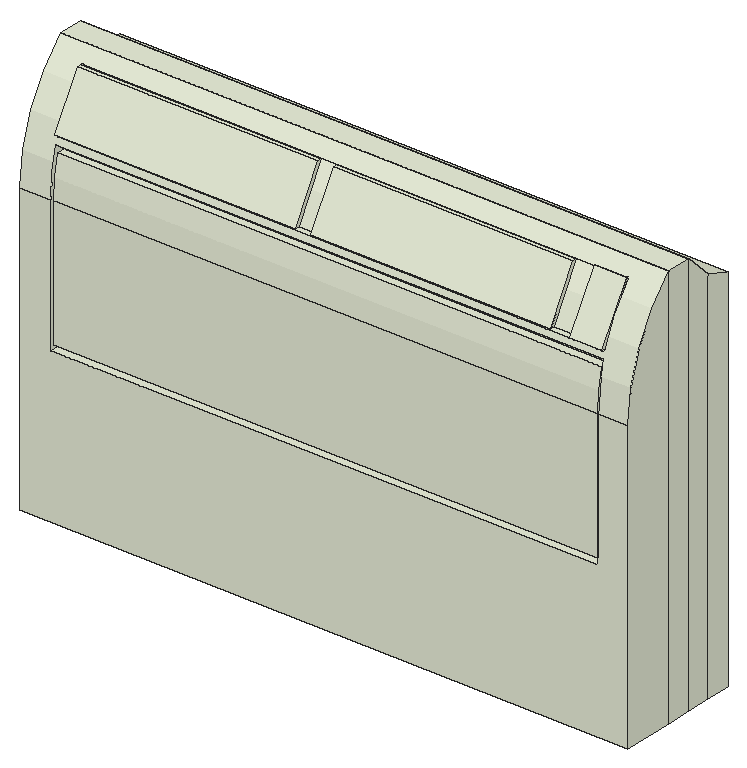
Revit family "Trane_TVR_Indoor_Ceiling & Floor_4TVX0012(15,18,24)EF000AA(2nd DC)", category Equipamento mecânico, Revit 2019
Family settings
  Cota do conector redondo = Utilizar diâmetro
  Tipo de parte = Normal
  Número OmniClass = 23.75.00.00
  Título OmniClass = Climate Control (HVAC)
  Com base no plano de trabalho = Não
  Sempre na vertical = Sim
  Corte com vazios quando carregada = Não
  Compartilhado = Não
  Ponto de cálculo do ambiente = Não
Parameters (values of type "4TVX0024EF000AA")
  Width = 990.000 mm
  URL = "https://www.trane.com/commercial/latin-america/br/pt.html"
  Series = "TVR ULTRA"
  Power supply = "220-240V ~50/60Hz"
  Panel color = "S1004"
  Net Weight = 28.00 kg
  Modelo = "4TVX0024EF000AA"
  Fabricante = "Trane"
  Machine material = Galvanized Steel
  MFA (Maximum Fuse Amps) = 15 A
  MCA (Minimum Circuit Amps) = 1.03 A
  Liquid pipe = 6.350 mm
  Installation = "Indoor installation"
  Height = 203.000 mm
  Heating Power Input = 115 W
  Heating Capacity = 8 kW
  Gas pipe = 12.700 mm
  Gas = "R410a"
  Descrição = "High efficiency air cooled"
  Depth = 660.000 mm
  Cooling Power Input = 115 W
  Cooling Capacity = 7.1 kW
  Condensation = "air"
  Air  Flow = "1380/1340/1300/1260/1190/1140/1120 m3/h"
Types (5, lengths in mm): name | URL | Net Weight | Modelo | MCA (Minimum Circuit Amps) | Heating Power Input | Heating Capacity | Cooling Power Input | Cooling Capacity | Air  Flow
  (no name) | "https://www.trane.com/commercial/latin-america/br/pt.html" | 28.00 kg | "4TVX0024EF000AA" | 1.03 A | 115 W | 8 kW | 115 W | 7.1 kW | "1380/1340/1300/1260/1190/1140/1120 m3/h"
  4TVX0012EF000AA | "https://www.trane.com/commercial/latin-america/br/pt.html" | 27.00 kg | "4TVX0012EF000AA" | 0.38 A | 49 W | 4 kW | 49 W | 3.6 kW | "770/740/700/680/650/630/610 m3/h"
  4TVX0015EF000AA | "https://www.trane.com/commercial/latin-america/br/pt.html" | 28.00 kg | "4TVX0015EF000AA" | 1.01 A | 115 W | 5 kW | 115 W | 4.5 kW | "1380/1330/1300/1260/1210/1140/1070 m3/h"
  4TVX0018EF000AA | "https://www.trane.com/commercial/latin-america/br/pt.htmlhttps://www.trane.com/commercial/latin-america/br/pt.html" | 28.00 kg | "4TVX0018EF000AA" | 1.03 A | 115 W | 6.3 kW | 115 W | 5.6 kW | "1380/1330/1300/1260/1210/1140/1070 m3/h"
  4TVX0024EF000AA | "https://www.trane.com/commercial/latin-america/br/pt.html" | 28.00 kg | "4TVX0024EF000AA" | 1.03 A | 115 W | 8 kW | 115 W | 7.1 kW | "1380/1340/1300/1260/1190/1140/1120 m3/h"
Reference planes
  plane 1 "中心(前/后)": y = 0
  plane 2: z = 0
  plane 3 "中心(左/右)": x = 0
  plane 4: z = 575.645
  plane 5: z = 280
  plane 6: x = -495
Forms (mm)
  Extrusion 1, solid, material "Galvanized Steel" <- "Machine material", detail levels medium+fine
    sketch origin (0, 0, 0) x (0, 1, 0) y (0, 0, 1)
      loop
        line (-80, 690) -> (-120, 690) -> (-120, 30) -> (-80, 30) -> (-80, 690)
    from 495 to -495
  Extrusion 2, solid, material "Galvanized Steel" <- "Machine material", detail levels medium+fine
    sketch origin (0, 0, 0) x (0, 1, 0) y (0, 0, 1)
      loop
        line (-80, 690) -> (-80, 30) -> (-40, 30) -> (-40, 650) -> (-80, 690)
    from 495 to -495
  Extrusion 3, solid, material "Galvanized Steel" <- "Machine material", detail levels medium+fine
    sketch origin (0, 0, 0) x (0, 1, 0) y (0, 0, 1)
      loop
        line (0, 626.906) -> (0, 635.441) -> (-40, 650) -> (-40, 30) -> (0, 30) -> (0, 626.906)
    from 495 to -495
  Extrusion 4, solid, material "Galvanized Steel" <- "Machine material", detail levels medium+fine
    sketch origin (0, 0, 0) x (0, 1, 0) y (0, 0, 1)
      loop
        line (-120, 30) -> (-120, 690)
        arc (-120, 690) -> (-181.345, 603.669) -> (-203, 500) r 258.97
        line (-203, 500) -> (-203, 30) -> (-120, 30)
    from 495 to -495
  Extrusion 5, void
    sketch origin (0, 0, 0) x (0, 1, 0) y (0, 0, 1)
      loop
        line (-188.653, 585) -> (-178.041, 585)
        arc (-178.041, 585) -> (-156.282, 630.135) -> (-125.926, 670) r 248.97
        line (-125.926, 670) -> (-139.39, 670)
        arc (-139.39, 670) -> (-168.089, 629.857) -> (-188.653, 585) r 258.97
    from 446.258 to -445
  Extrusion 6, solid, material "Galvanized Steel" <- "Machine material", detail levels fine
    sketch origin (0, 0, 0) x (0, 1, 0) y (0, 0, 1)
      loop
        line (-148.104, 670) -> (-193.89, 591) -> (-188.048, 591) -> (-142.262, 670) -> (-148.104, 670)
    from 361.496 to -28.055
  Extrusion 7, void
    sketch origin (0, 0, 0) x (1, 0, 0) y (0, 1, 0)
      loop
        line (-460.5, -30) -> (-460.5, -130) -> (-360.5, -130) -> (-360.5, -30) -> (-460.5, -30)
    from 45 to 30
  Extrusion 8, void
    sketch origin (0, 0, 0) x (0, 1, 0) y (0, 0, 1)
      loop
        line (-15, 45) -> (-15, 415.429) -> (-188, 415.429) -> (-188, 45) -> (-15, 45)
    from 477.847 to -480
  Extrusion 9, solid, detail levels medium+fine
    sketch origin (0, 0, 0) x (1, 0, 0) y (0, 1, 0)
      loop
        circle (-455, -63.5) r 4.765
    from 415.429 to 128
  Extrusion 10, solid, detail levels medium+fine
    sketch origin (0, 0, 0) x (1, 0, 0) y (0, 1, 0)
      loop
        circle (-440.5, -96.5) r 7.95
    from 415.429 to 163.5
  Extrusion 11, void
    sketch origin (0, 0, 55) x (1, 0, 0) y (0, 0, 1)
      loop
        line (-360.5, 115) -> (-460.5, 115) -> (-460.5, 15) -> (-360.5, 15) -> (-360.5, 115)
    from 15 to 0
  Extrusion 12, solid, detail levels medium+fine
    sketch origin (0, 0, 0) x (1, 0, 0) y (0, 1, 0)
      loop
        circle (-393.436, -63.5) r 12.5
    from 415.429 to 163.5
  Extrusion 13, void
    sketch origin (0, 0, 0) x (0, 1, 0) y (0, 0, 1)
      loop
        arc (-191.706, 575.645) -> (-200.161, 538.242) -> (-203, 500) r 258.97
        line (-203, 500) -> (-203, 280) -> (-188, 280) -> (-188, 415.429) -> (-179.603, 575.645) -> (-191.706, 575.645)
    from 446.258 to -445
  Extrusion 14, solid, material "Galvanized Steel" <- "Machine material", detail levels medium+fine
    sketch origin (0, 0, 0) x (0, 1, 0) y (0, 0, 1)
      loop
        line (-188, 415.429) -> (-180.127, 565.659) -> (-194.538, 565.659)
        arc (-194.538, 565.659) -> (-200.876, 533.101) -> (-203, 500) r 258.97
        line (-203, 500) -> (-203, 290) -> (-188, 290) -> (-188, 415.429)
    from 446.258 to -440
  Extrusion 15, solid, material "Galvanized Steel" <- "Machine material", detail levels fine
    sketch origin (-305.688, 0, 0) x (0, 1, 0) y (0, 0, 1)
      loop
        line (-139.39, 670) -> (-188.653, 585) -> (-183.347, 585) -> (-134.084, 670) -> (-139.39, 670)
    from 747.269 to 695.02
  Extrusion 16, solid, material "Galvanized Steel" <- "Machine material", detail levels fine
    sketch origin (-26.887, 0, 0) x (0, 1, 0) y (0, 0, -1)
      loop
        line (-148.104, -670) -> (-142.262, -670) -> (-188.048, -591) -> (-193.89, -591) -> (-148.104, -670)
    from 418.113 to 26.217
Cuts and joins
  Extrusion 5, Extrusion 7, Extrusion 8, Extrusion 11, Extrusion 13 cuts Extrusion 4
  Extrusion 7, Extrusion 8 cuts Extrusion 1
  Extrusion 7, Extrusion 8 cuts Extrusion 2
  Extrusion 7, Extrusion 8, Extrusion 11 cuts Extrusion 3
  Extrusion 11 cuts Extrusion 9
Lines and regions (mm)
  model lines, detail levels fine
    curve 1: line (-495, -163, 70) -> (-495, -163, 270)
    curve 15: line (-495, -163, 270) -> (-495, -203, 270)
    curve 16: line (-495, -163, 260) -> (-495, -203, 260)
    curve 17: line (-495, -163, 250) -> (-495, -203, 250)
    curve 18: line (-495, -163, 240) -> (-495, -203, 240)
    curve 19: line (-495, -163, 230.215) -> (-495, -203, 230.215)
    curve 20: line (-495, -163, 220) -> (-495, -203, 220)
    curve 21: line (-495, -163, 210) -> (-495, -203, 210)
    curve 22: line (-495, -163, 200) -> (-495, -203, 200)
    curve 23: line (-495, -163, 190) -> (-495, -203, 190)
    curve 24: line (-495, -163, 180) -> (-495, -203, 180)
    curve 25: line (-495, -163, 170) -> (-495, -203, 170)
    curve 26: line (-495, -163, 160) -> (-495, -203, 160)
    curve 27: line (-495, -163, 150) -> (-495, -203, 150)
    curve 28: line (-495, -163, 140) -> (-495, -203, 140)
    curve 29: line (-495, -163, 130) -> (-495, -203, 130)
    curve 30: line (-495, -163, 120) -> (-495, -203, 120)
    curve 31: line (-495, -163, 110) -> (-495, -203, 110)
    curve 32: line (-495, -163, 100) -> (-495, -203, 100)
    curve 33: line (-495, -163, 90) -> (-495, -203, 90)
    curve 34: line (-495, -163, 80) -> (-495, -203, 80)
    curve 35: line (-495, -163, 70) -> (-495, -203, 70)
    curve 36: line (-495, -163, 220) -> (-495, -203, 220)
    curve 37: line (-495, -163, 210) -> (-495, -203, 210)
    curve 38: line (-495, -163, 200) -> (-495, -203, 200)
    curve 39: line (-495, -203, 270) -> (495, -203, 270)
    curve 40: line (495, -203, 70) -> (-495, -203, 70)
    curve 41: line (-495, -203, 260) -> (495, -203, 260)
    curve 42: line (-495, -203, 250) -> (495, -203, 250)
    curve 43: line (-495, -203, 240) -> (495, -203, 240)
    curve 44: line (-495, -203, 230) -> (495, -203, 230)
    curve 45: line (-495, -203, 220) -> (495, -203, 220)
    curve 46: line (-495, -203, 210) -> (495, -203, 210)
    curve 47: line (-495, -203, 201.34) -> (495, -203, 201.34)
    curve 48: line (-495, -203, 191.34) -> (495, -203, 191.34)
    curve 49: line (-495, -203, 181.34) -> (495, -203, 181.34)
    curve 50: line (-495, -203, 171.34) -> (495, -203, 171.34)
    curve 51: line (-495, -203, 161.34) -> (495, -203, 161.34)
    curve 52: line (-495, -203, 151.34) -> (495, -203, 151.34)
    curve 53: line (-495, -203, 141.34) -> (495, -203, 141.34)
    curve 54: line (-495, -203, 131.34) -> (495, -203, 131.34)
    curve 55: line (-495, -203, 121.34) -> (495, -203, 121.34)
    curve 56: line (-495, -203, 111.34) -> (495, -203, 111.34)
    curve 57: line (-495, -203, 101.34) -> (495, -203, 101.34)
    curve 58: line (-495, -203, 91.34) -> (495, -203, 91.34)
    curve 59: line (-495, -203, 81.34) -> (495, -203, 81.34)
    curve 60: line (401.581, -174.728, 609.027) -> (401.581, -181.032, 598.15)
    curve 61: line (426.581, -174.728, 609.027) -> (401.581, -174.728, 609.027)
    curve 62: line (401.581, -181.032, 598.15) -> (426.581, -181.032, 598.15)
    curve 63: arc (426.581, -174.728, 609.027) -> (432.867, -177.88, 603.589) -> (426.581, -181.032, 598.15) r 6.286
    curve 71: line (495, -163, 70) -> (495, -163, 270)
    curve 72: line (495, -163, 270) -> (495, -203, 270)
    curve 73: line (495, -163, 260) -> (495, -203, 260)
    curve 74: line (495, -163, 250) -> (495, -203, 250)
    curve 75: line (495, -163, 240) -> (495, -203, 240)
    curve 76: line (495, -163, 230.215) -> (495, -203, 230.215)
    curve 77: line (495, -163, 190) -> (495, -203, 190)
    curve 78: line (495, -163, 180) -> (495, -203, 180)
    curve 79: line (495, -163, 170) -> (495, -203, 170)
    curve 80: line (495, -163, 160) -> (495, -203, 160)
    curve 81: line (495, -163, 150) -> (495, -203, 150)
    curve 82: line (495, -163, 140) -> (495, -203, 140)
    curve 83: line (495, -163, 130) -> (495, -203, 130)
    curve 84: line (495, -163, 120) -> (495, -203, 120)
    curve 85: line (495, -163, 110) -> (495, -203, 110)
    curve 86: line (495, -163, 100) -> (495, -203, 100)
    curve 87: line (495, -163, 90) -> (495, -203, 90)
    curve 88: line (495, -163, 80) -> (495, -203, 80)
    curve 89: line (495, -163, 70) -> (495, -203, 70)
    curve 90: line (495, -163, 220) -> (495, -203, 220)
    curve 91: line (495, -163, 210) -> (495, -203, 210)
    curve 92: line (495, -163, 200) -> (495, -203, 200)
    curve 93: circle (427.5, -144.575, 661.053) r 4 normal (0, 0.8652, -0.5014)
    curve 94: circle (427.5, -150.363, 651.067) r 4 normal (0, 0.8652, -0.5014)
    curve 95: circle (427.5, -156.491, 640.493) r 4 normal (0, 0.8652, -0.5014)
    curve 96: circle (427.5, -162.96, 629.332) r 4 normal (0, 0.8652, -0.5014)
    curve 97: circle (427.5, -168.604, 619.594) r 4 normal (0, 0.8652, -0.5014)
  model lines
    curve 2: line (-495, 0, 635.441) -> (-495, -40, 650)
    curve 3: line (-495, -40, 650) -> (-495, -80, 690)
    curve 5: line (-495, 0, 635.441) -> (-495, 0, 30)
    curve 6: line (-495, -203, 30) -> (-495, -203, 500)
    curve 7: arc (-495, -203, 500) -> (-495, -181.345, 603.669) -> (-495, -120, 690) r 258.97
    curve 8: line (-495, -120, 690) -> (495, -120, 690)
    curve 9: line (-495, -80, 690) -> (495, -80, 690)
    curve 10: line (-495, -40, 650) -> (495, -40, 650)
    curve 11: line (-495, -203, 30) -> (-495, 0, 30)
    curve 12: line (-495, -203, 30) -> (495, -203, 30)
    curve 13: line (495, 0, 30) -> (-495, 0, 30)
    curve 14: line (-495, -203, 30) -> (-495, 0, 30)
    curve 64: line (495, -203, 30) -> (495, -203, 500)
    curve 65: arc (495, -203, 500) -> (495, -181.345, 603.669) -> (495, -120, 690) r 258.97
    curve 66: line (495, 0, 635.441) -> (495, 0, 30)
    curve 67: line (495, 0, 635.441) -> (495, -40, 650)
    curve 68: line (495, -40, 650) -> (495, -80, 690)
    curve 70: line (495, -203, 30) -> (495, 0, 30)
    curve 98: line (495, 0, 626.906) -> (-495, 0, 626.906)
  model lines, detail levels coarse
    curve 4: line (-495, -80, 690) -> (-495, -120, 690)
    curve 69: line (495, -80, 690) -> (495, -120, 690)
Dimensions and locks
  cut or joined group of Extrusion 2, Extrusion 7, Extrusion 8 to Extrusion 12 = 133.500 mm
  cut or joined group of Extrusion 1, Extrusion 7, Extrusion 8 to cut or joined group of Extrusion 9, Extrusion 11 = 98.000 mm
  "Depth": cut or joined group of Extrusion 4, Extrusion 5, Extrusion 7, Extrusion 8, Extrusion 11, Extrusion 13 to cut or joined group of Extrusion 1, Extrusion 7, Extrusion 8
  "Height": cut or joined group of Extrusion 4, Extrusion 5, Extrusion 7, Extrusion 8, Extrusion 11, Extrusion 13 to cut or joined group of Extrusion 3, Extrusion 7, Extrusion 8, Extrusion 11
  "Width": cut or joined group of Extrusion 4, Extrusion 5, Extrusion 7, Extrusion 8, Extrusion 11, Extrusion 13 to cut or joined group of Extrusion 4, Extrusion 5, Extrusion 7, Extrusion 8, Extrusion 11, Extrusion 13
  aligned and locked: level to plane 2
Automatic sketch dimensions
  plane 1 "中心(前/后)" to Extrusion 1 sketch curve = 120.000 mm
  level to Extrusion 1 sketch curve = 30.000 mm
  Extrusion 1 sketch curve to Extrusion 1 sketch curve = 40.000 mm
  Extrusion 1 sketch curve to Extrusion 1 sketch curve = 660.000 mm
  plane 1 "中心(前/后)" to Extrusion 2 sketch curve = 80.000 mm
  level to Extrusion 2 sketch curve = 30.000 mm
  Extrusion 2 sketch curve to Extrusion 2 sketch curve = 40.000 mm  (x2)
  Extrusion 2 sketch curve to Extrusion 2 sketch curve = 620.000 mm
  Extrusion 3 sketch curve to plane 1 "中心(前/后)" = 0.000 mm
  level to Extrusion 3 sketch curve = 30.000 mm
  plane 1 "中心(前/后)" to Extrusion 3 sketch curve = 40.000 mm
  Extrusion 3 sketch curve to Extrusion 3 sketch curve = 596.906 mm
  Extrusion 3 sketch curve to Extrusion 3 sketch curve = 8.535 mm
  Extrusion 3 sketch curve to Extrusion 3 sketch curve = 14.559 mm
  plane 1 "中心(前/后)" to Extrusion 4 sketch curve = 203.000 mm
  level to Extrusion 4 sketch curve = 30.000 mm
  Extrusion 4 sketch curve to Extrusion 4 sketch curve = 83.000 mm
  Extrusion 4 sketch curve to plane 1 "中心(前/后)" = 55.970 mm
  Extrusion 4 sketch curve to Extrusion 4 sketch curve = 470.000 mm
  Extrusion 5 sketch curve to Extrusion 5 sketch curve = 0.000 mm  (x2)
  plane 1 "中心(前/后)" to Extrusion 5 sketch curve = 188.653 mm
  level to Extrusion 5 sketch curve = 585.000 mm
  Extrusion 5 sketch curve to Extrusion 5 sketch curve = 10.612 mm
  Extrusion 5 sketch curve to Extrusion 5 sketch curve = 38.651 mm
  Extrusion 5 sketch curve to Extrusion 5 sketch curve = 13.464 mm
  Extrusion 5 sketch curve to Extrusion 5 sketch curve = 85.000 mm
  plane 1 "中心(前/后)" to Extrusion 6 sketch curve = 193.890 mm
  level to Extrusion 6 sketch curve = 591.000 mm
  Extrusion 6 sketch curve to Extrusion 6 sketch curve = 5.843 mm  (x2)
  Extrusion 6 sketch curve to Extrusion 6 sketch curve = 39.943 mm
  Extrusion 6 sketch curve to Extrusion 6 sketch curve = 79.000 mm
  Extrusion 4 to curve 1 = 40.000 mm  (x2)
  curve 1 to curve 1 = 200.000 mm
  plane 6 to Extrusion 7 sketch curve = 34.500 mm
  plane 1 "中心(前/后)" to Extrusion 7 sketch curve = 130.000 mm
  Extrusion 7 sketch curve to Extrusion 7 sketch curve = 100.000 mm
  plane 1 "中心(前/后)" to Extrusion 7 sketch curve = 30.000 mm
  level to Extrusion 8 sketch curve = 45.000 mm
  plane 1 "中心(前/后)" to Extrusion 8 sketch curve = 188.000 mm
  plane 1 "中心(前/后)" to Extrusion 8 sketch curve = 15.000 mm
  level to Extrusion 8 sketch curve = 415.429 mm
  plane 6 to Extrusion 9 sketch curve = 40.000 mm
  plane 1 "中心(前/后)" to Extrusion 9 sketch curve = 63.500 mm
  plane 6 to Extrusion 10 sketch curve = 54.500 mm
  plane 1 "中心(前/后)" to Extrusion 10 sketch curve = 96.500 mm
  plane 6 to Extrusion 11 sketch curve = 34.500 mm
  level to Extrusion 11 sketch curve = 70.000 mm
  Extrusion 11 sketch curve to Extrusion 11 sketch curve = 100.000 mm  (x2)
  plane 6 to Extrusion 12 sketch curve = 101.564 mm
  plane 1 "中心(前/后)" to Extrusion 12 sketch curve = 63.500 mm
  Extrusion 13 sketch curve to plane 5 = 0.000 mm
  Extrusion 13 sketch curve to plane 4 = 0.000 mm
  plane 1 "中心(前/后)" to Extrusion 13 sketch curve = 203.000 mm
  plane 5 to Extrusion 13 sketch curve = 135.429 mm
  Extrusion 13 sketch curve to Extrusion 13 sketch curve = 11.294 mm
  Extrusion 13 sketch curve to Extrusion 13 sketch curve = 15.000 mm
  Extrusion 13 sketch curve to Extrusion 13 sketch curve = 12.102 mm
  Extrusion 13 sketch curve to plane 1 "中心(前/后)" = 55.970 mm
  plane 1 "中心(前/后)" to Extrusion 14 sketch curve = 203.000 mm
  level to Extrusion 14 sketch curve = 290.000 mm
  Extrusion 14 sketch curve to Extrusion 14 sketch curve = 8.462 mm
  Extrusion 14 sketch curve to Extrusion 14 sketch curve = 15.000 mm
  Extrusion 14 sketch curve to Extrusion 14 sketch curve = 14.411 mm
  Extrusion 14 sketch curve to plane 1 "中心(前/后)" = 55.970 mm
  Extrusion 14 sketch curve to Extrusion 14 sketch curve = 125.429 mm
  Extrusion 14 sketch curve to Extrusion 14 sketch curve = 84.571 mm
  curve 2 to plane 1 "中心(前/后)" = 0.000 mm
  plane 1 "中心(前/后)" to curve 6 = 203.000 mm
  level to curve 6 = 500.000 mm
  plane 1 "中心(前/后)" to curve 2 = 40.000 mm
  curve 7 to curve 2 = 135.441 mm
  curve 2 to curve 3 = 14.559 mm
  curve 2 to curve 4 = 40.000 mm  (x2)
  level to curve 6 = 30.000 mm
  level to curve 5 = 30.000 mm
  curve 3 to curve 4 = 40.000 mm
  curve 8 to plane 6 = 0.000 mm
  level to curve 8 = 690.000 mm
  plane 3 "中心(左/右)" to curve 8 = 495.000 mm
  curve 9 to plane 6 = 0.000 mm
  level to curve 9 = 690.000 mm
  plane 3 "中心(左/右)" to curve 9 = 495.000 mm
  curve 10 to plane 6 = 0.000 mm
  level to curve 10 = 650.000 mm
  plane 3 "中心(左/右)" to curve 10 = 495.000 mm
  curve 11 to plane 1 "中心(前/后)" = 0.000 mm
  level to curve 11 = 30.000 mm
  curve 11 to curve 11 = 203.000 mm
  level to curve 35 = 70.000 mm
  curve 35 to curve 34 = 10.000 mm
  curve 34 to curve 33 = 10.000 mm
  curve 33 to curve 32 = 10.000 mm
  curve 32 to curve 31 = 10.000 mm
  curve 31 to curve 30 = 10.000 mm
  curve 30 to curve 29 = 10.000 mm
  curve 29 to curve 28 = 10.000 mm
  curve 28 to curve 27 = 10.000 mm
  curve 27 to curve 26 = 10.000 mm
  curve 26 to curve 25 = 10.000 mm
  curve 25 to curve 24 = 10.000 mm
  curve 24 to curve 23 = 10.000 mm
  curve 23 to curve 38 = 10.000 mm
  curve 22 to curve 38 = 0.000 mm  (x2)
  curve 22 to curve 21 = 10.000 mm
  curve 37 to curve 21 = 0.000 mm  (x2)
  curve 21 to curve 36 = 10.000 mm
  curve 20 to curve 36 = 0.000 mm  (x2)
  curve 20 to curve 19 = 10.215 mm
  curve 19 to curve 18 = 9.785 mm
  curve 18 to curve 17 = 10.000 mm
  curve 17 to curve 16 = 10.000 mm
  curve 16 to curve 15 = 10.000 mm
  plane 1 "中心(前/后)" to curve 15 = 163.000 mm
  curve 38 to curve 15 = 0.000 mm
  curve 16 to curve 15 = 0.000 mm
  curve 37 to curve 38 = 0.000 mm
  curve 17 to curve 16 = 0.000 mm
  curve 36 to curve 37 = 0.000 mm
  curve 18 to curve 17 = 0.000 mm
  curve 35 to curve 38 = 0.000 mm
  curve 19 to curve 18 = 0.000 mm
  curve 34 to curve 35 = 0.000 mm
  curve 33 to curve 34 = 0.000 mm
  curve 21 to curve 37 = 0.000 mm
  curve 32 to curve 33 = 0.000 mm
  curve 31 to curve 32 = 0.000 mm
  curve 23 to curve 22 = 0.000 mm
  curve 30 to curve 31 = 0.000 mm
  curve 24 to curve 23 = 0.000 mm
  curve 29 to curve 30 = 0.000 mm
  curve 25 to curve 24 = 0.000 mm
  curve 28 to curve 29 = 0.000 mm
  curve 26 to curve 25 = 0.000 mm
  curve 27 to curve 28 = 0.000 mm
  curve 26 to curve 26 = 40.000 mm
  curve 27 to curve 26 = 0.000 mm
  curve 25 to curve 26 = 0.000 mm
  curve 28 to curve 27 = 0.000 mm
  curve 24 to curve 25 = 0.000 mm
  curve 29 to curve 28 = 0.000 mm
  curve 23 to curve 24 = 0.000 mm
  curve 30 to curve 29 = 0.000 mm
  curve 22 to curve 23 = 0.000 mm
  curve 31 to curve 30 = 0.000 mm
  curve 21 to curve 22 = 0.000 mm
  curve 32 to curve 31 = 0.000 mm
  curve 20 to curve 21 = 0.000 mm
  curve 33 to curve 32 = 0.000 mm
  curve 19 to curve 20 = 0.000 mm
  curve 34 to curve 33 = 0.000 mm
  curve 18 to curve 19 = 0.000 mm
  curve 35 to curve 34 = 0.000 mm
  curve 17 to curve 18 = 0.000 mm
  curve 36 to curve 20 = 0.000 mm
  curve 16 to curve 17 = 0.000 mm
  curve 15 to curve 16 = 0.000 mm
  curve 38 to curve 22 = 0.000 mm
  plane 6 to curve 40 = 0.000 mm
  plane 6 to curve 59 = 0.000 mm
  plane 6 to curve 58 = 0.000 mm
  plane 6 to curve 57 = 0.000 mm
  plane 6 to curve 56 = 0.000 mm
  plane 6 to curve 55 = 0.000 mm
  plane 6 to curve 54 = 0.000 mm
  plane 6 to curve 53 = 0.000 mm
  plane 6 to curve 52 = 0.000 mm
  plane 6 to curve 51 = 0.000 mm
  plane 6 to curve 50 = 0.000 mm
  plane 6 to curve 49 = 0.000 mm
  plane 6 to curve 48 = 0.000 mm
  plane 6 to curve 47 = 0.000 mm
  plane 6 to curve 46 = 0.000 mm
  plane 6 to curve 45 = 0.000 mm
  plane 6 to curve 44 = 0.000 mm
  plane 6 to curve 43 = 0.000 mm
  plane 6 to curve 42 = 0.000 mm
  plane 6 to curve 41 = 0.000 mm
  plane 6 to curve 39 = 0.000 mm
  level to curve 40 = 70.000 mm
  curve 40 to curve 59 = 11.340 mm
  curve 59 to curve 58 = 10.000 mm
  curve 58 to curve 57 = 10.000 mm
  curve 57 to curve 56 = 10.000 mm
  curve 56 to curve 55 = 10.000 mm
  curve 55 to curve 54 = 10.000 mm
  curve 54 to curve 53 = 10.000 mm
  curve 53 to curve 52 = 10.000 mm
  curve 52 to curve 51 = 10.000 mm
  curve 51 to curve 50 = 10.000 mm
  curve 50 to curve 49 = 10.000 mm
  curve 49 to curve 48 = 10.000 mm
  curve 48 to curve 47 = 10.000 mm
  curve 47 to curve 46 = 8.660 mm
  curve 46 to curve 45 = 10.000 mm
  curve 45 to curve 44 = 10.000 mm
  curve 44 to curve 43 = 10.000 mm
  curve 43 to curve 42 = 10.000 mm
  curve 42 to curve 41 = 10.000 mm
  curve 41 to curve 39 = 10.000 mm
  plane 3 "中心(左/右)" to curve 49 = 495.000 mm
  curve 49 to curve 47 = 0.000 mm
  curve 50 to curve 49 = 0.000 mm
  curve 47 to curve 46 = 0.000 mm
  curve 51 to curve 50 = 0.000 mm
  curve 46 to curve 45 = 0.000 mm
  curve 52 to curve 51 = 0.000 mm
  curve 45 to curve 44 = 0.000 mm
  curve 53 to curve 52 = 0.000 mm
  curve 44 to curve 43 = 0.000 mm
  curve 54 to curve 53 = 0.000 mm
  curve 43 to curve 42 = 0.000 mm
  curve 55 to curve 54 = 0.000 mm
  curve 42 to curve 41 = 0.000 mm
  curve 56 to curve 55 = 0.000 mm
  curve 40 to curve 56 = 0.000 mm
  curve 57 to curve 56 = 0.000 mm
  curve 41 to curve 39 = 0.000 mm
  curve 58 to curve 57 = 0.000 mm
  curve 48 to curve 47 = 0.000 mm
  curve 59 to curve 58 = 0.000 mm
  plane 1 "中心(前/后)" to Extrusion 15 sketch curve = 188.653 mm
  level to Extrusion 15 sketch curve = 585.000 mm
  Extrusion 15 sketch curve to Extrusion 15 sketch curve = 5.306 mm  (x2)
  Extrusion 15 sketch curve to Extrusion 15 sketch curve = 43.957 mm
  Extrusion 15 sketch curve to Extrusion 15 sketch curve = 85.000 mm
  curve 66 to plane 1 "中心(前/后)" = 0.000 mm
  plane 1 "中心(前/后)" to curve 69 = 120.000 mm
  level to curve 69 = 690.000 mm
  level to curve 89 = 70.000 mm
  plane 1 "中心(前/后)" to curve 89 = 163.000 mm
  plane 1 "中心(前/后)" to curve 64 = 203.000 mm
  curve 69 to curve 68 = 40.000 mm
  plane 1 "中心(前/后)" to curve 67 = 40.000 mm
  curve 65 to plane 1 "中心(前/后)" = 55.970 mm
  curve 68 to curve 68 = 40.000 mm
  curve 67 to curve 66 = 14.559 mm
  curve 71 to curve 71 = 200.000 mm
  curve 72 to curve 73 = 10.000 mm
  curve 73 to curve 74 = 10.000 mm
  curve 74 to curve 75 = 10.000 mm
  curve 75 to curve 76 = 9.785 mm
  curve 76 to curve 90 = 10.215 mm
  curve 90 to curve 91 = 10.000 mm
  curve 91 to curve 92 = 10.000 mm
  curve 92 to curve 77 = 10.000 mm
  curve 77 to curve 78 = 10.000 mm
  curve 78 to curve 79 = 10.000 mm
  curve 79 to curve 80 = 10.000 mm
  curve 80 to curve 81 = 10.000 mm
  curve 81 to curve 82 = 10.000 mm
  curve 82 to curve 83 = 10.000 mm
  curve 83 to curve 84 = 10.000 mm
  curve 84 to curve 85 = 10.000 mm
  curve 85 to curve 86 = 10.000 mm
  curve 86 to curve 87 = 10.000 mm
  curve 88 to curve 89 = 10.000 mm
  level to curve 64 = 30.000 mm
  level to curve 66 = 30.000 mm
  plane 1 "中心(前/后)" to Extrusion 16 sketch curve = 193.890 mm
  plane 1 "中心(前/后)" to Extrusion 16 sketch curve = 148.104 mm
  level to Extrusion 16 sketch curve = 670.000 mm
  Extrusion 16 sketch curve to Extrusion 16 sketch curve = 5.843 mm  (x2)
  Extrusion 16 sketch curve to Extrusion 16 sketch curve = 79.000 mm
  plane 3 "中心(左/右)" to curve 61 = 426.581 mm
  plane 3 "中心(左/右)" to curve 61 = 401.581 mm
  curve 60 to curve 62 = 12.571 mm
  curve 93 to curve 60 = 60.133 mm
  curve 93 to curve 94 = 11.542 mm
  curve 94 to curve 95 = 12.221 mm
  curve 95 to curve 96 = 12.900 mm
  curve 96 to curve 97 = 11.255 mm
  curve 95 to curve 97 = 0.000 mm
  curve 94 to curve 95 = 0.000 mm
  curve 93 to curve 94 = 0.000 mm
  curve 96 to curve 97 = 0.000 mm
  curve 60 to curve 95 = 25.919 mm
  plane 1 "中心(前/后)" to curve 13 = 0.000 mm
  curve 14 to plane 6 = 0.000 mm
  plane 1 "中心(前/后)" to curve 14 = 203.000 mm
  plane 3 "中心(左/右)" to curve 70 = 495.000 mm
  plane 1 "中心(前/后)" to curve 98 = 0.000 mm
  curve 98 to plane 6 = 0.000 mm
  plane 3 "中心(左/右)" to curve 98 = 495.000 mm
  radius of Extrusion 9 sketch curve = 4.765 mm
  radius of Extrusion 10 sketch curve = 7.950 mm
  radius of Extrusion 12 sketch curve = 12.500 mm
  radius of curve 93 = 4.000 mm
  radius of curve 94 = 4.000 mm
  radius of curve 95 = 4.000 mm
  radius of curve 96 = 4.000 mm
  radius of curve 97 = 4.000 mm
Connectors
  piping at (-393.436, -63.5, 163.5), diameter 25
    settings: on Extrusion 12, index 5, connector inside diameter 25 mm, connector length 0.000 mm, flow factor 0, pipe flow 0.0 m³/h, pressure drop 0.0 Pa, fitting loss kfactor 0, connector angle 0.00°, fixture units 0, engagement length 0.000 mm, angle of deflection 0.00°, flow configuration 1, flow direction 2, fitting loss method 0, system type 29, joint type 0, gender type 0, connector reference index -1, connector utility 0, adjustable connector no, is connector primary yes, connector description "Drain pipe OD Φ 25mm"
  piping at (-440.5, -96.5, 163.5), diameter 15.9
    settings: on Extrusion 10, index 6, connector inside diameter 15.9 mm, connector length 0.000 mm, flow factor 0, pipe flow 0.0 m³/h, pressure drop 0.0 Pa, fitting loss kfactor 0, connector angle 0.00°, fixture units 0, engagement length 0.000 mm, angle of deflection 0.00°, flow configuration 1, flow direction 0, fitting loss method 4, system type 22, joint type 0, gender type 0, connector reference index -1, connector utility 0, adjustable connector no, is connector primary no, connector description "Gas pipe Φ15.9mm"
  piping at (-455, -63.5, 128), diameter 9.53
    settings: on cut or joined group of Extrusion 9, Extrusion 11, index 7, connector inside diameter 9.53 mm, connector length 0.000 mm, flow factor 0, pipe flow 0.0 m³/h, pressure drop 0.0 Pa, fitting loss kfactor 0, connector angle 0.00°, fixture units 0, engagement length 0.000 mm, angle of deflection 0.00°, flow configuration 1, flow direction 0, fitting loss method 4, system type 22, joint type 0, gender type 0, connector reference index -1, connector utility 0, adjustable connector no, is connector primary no, connector description "Liquid pipe Φ9.53mm"
  electrical at (495, -100, 360)
    settings: on cut or joined group of Extrusion 1, Extrusion 7, Extrusion 8, index 8, voltage 220 V, apparent load 0 VA, apparent load phase1 0 VA, apparent load phase2 0 VA, apparent load phase3 0 VA, power factor 1, load classification "Other", number of poles 1, system type 30, power factor state 1, is connector primary yes, connector utility no, sub classification motor no, connector description ""
